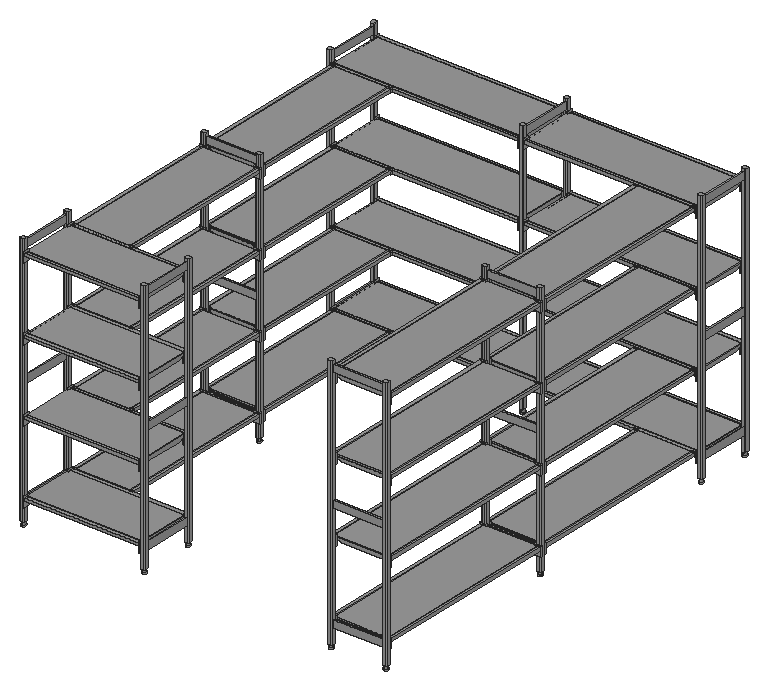
Revit family "QF_ELECTROLUXPROFESSIONAL_137104_CRS2428", category Attrezzature speciali, Revit 2020 (continued)
Definition of nested family "QF_974G"
  Definition of nested family "WT_Anta373B"
    Parameters
      Dext = Depth - 8 mm  # 365 mm
      Depth = 373 mm
      DX = (WidthLeft - A) / 2  # 32 mm
      B = 798 mm
      A = 708 mm
    Reference planes
      plane 1: z = 0
      plane 2 "LEFT": x = -417
      plane 3 "BACK": y = 23
      plane 4 "FRONT": y = -350
      plane 5 "TOP": z = 1590
      plane 6 "Center (Front/Back)": y = -163.5
      plane 7: y = -8.5
      plane 8: y = -318.5
      plane 9 "FEET": z = 25
      plane 10: z = 140
      plane 11: z = 590
      plane 12: z = 1040
      plane 13: z = 1490
      plane 14 "CXLeft": x = -403
      plane 15: y = 5.5
      plane 16 "CYBack": y = 5.5
      plane 17 "CYFront": y = -332.5
      plane 18: x = -385.031
      plane 19: x = -380.031
    Forms (mm)
      Extrusion 1, solid
        sketch origin (0, 0, 0) x (1, 0, 0) y (0, 1, 0)
          loop
            line (-417, 13.246) -> (-417, -2.246) -> (-410.746, -8.5) -> (-395.254, -8.5) -> (-389, -2.246) -> (-389, 13.246) -> (-395.254, 19.5) -> (-410.746, 19.5) -> (-417, 13.246)
        from 1590 to 25
      Extrusion 2, solid
        sketch origin (-417, 0, 0) x (0, 1, 0) y (0, 0, 1)
          loop
            line (23, 111.005) -> (23, 172.993) -> (-12.993, 172.993) -> (-12.993, 111.005) -> (23, 111.005)
          loop
            line (-350, 111.005) -> (-314.007, 111.005) -> (-314.007, 172.993) -> (-350, 172.993) -> (-350, 111.005)
          loop
            line (23, 561.005) -> (23, 622.993) -> (-12.993, 622.993) -> (-12.993, 561.005) -> (23, 561.005)
          loop
            line (-350, 561.005) -> (-314.007, 561.005) -> (-314.007, 622.993) -> (-350, 622.993) -> (-350, 561.005)
          loop
            line (23, 1011.005) -> (23, 1072.993) -> (-12.993, 1072.993) -> (-12.993, 1011.005) -> (23, 1011.005)
          loop
            line (-350, 1011.005) -> (-314.007, 1011.005) -> (-314.007, 1072.993) -> (-350, 1072.993) -> (-350, 1011.005)
          loop
            line (23, 1461.005) -> (23, 1522.993) -> (-12.993, 1522.993) -> (-12.993, 1461.005) -> (23, 1461.005)
          loop
            line (-350, 1461.005) -> (-314.007, 1461.005) -> (-314.007, 1522.993) -> (-350, 1522.993) -> (-350, 1461.005)
        from 28 to 32
      Revolve 3, solid
        sketch origin (-403, 0, 0) x (0, 1, 0) y (0, 0, 1)
          loop
            line (5.5, 25) -> (5.5, 0) -> (19, 0) -> (19, 5) -> (14, 5) -> (14, 25) -> (5.5, 25)
          axis (5.5, 25) -> (5.5, 0)
        angle from 0 to 360
      Extrusion 4, solid
        sketch origin (-403, 0, 0) x (0, 1, 0) y (0, 0, 1)
          loop
            line (-8.5, 777.382) -> (-8.5, 822.374) -> (-318.5, 822.374) -> (-318.5, 777.382) -> (-8.5, 777.382)
          loop
            line (-8.5, 1527.244) -> (-8.5, 1572.236) -> (-318.5, 1572.236) -> (-318.5, 1527.244) -> (-8.5, 1527.244)
        from -5 to 5
      Revolve 5, solid
        sketch origin (-403, -627, 0) x (0, -1, 0) y (0, 0, 1)
          loop
            line (-294.5, 25) -> (-294.5, 0) -> (-281, 0) -> (-281, 5) -> (-286, 5) -> (-286, 25) -> (-294.5, 25)
          axis (-294.5, 25) -> (-294.5, 0)
        angle from 0 to 360
      Extrusion 6, solid
        sketch origin (0, -627, 0) x (1, 0, 0) y (0, 1, 0)
          loop
            line (-417, 286.754) -> (-410.746, 280.5) -> (-395.254, 280.5) -> (-389, 286.754) -> (-389, 302.246) -> (-395.254, 308.5) -> (-410.746, 308.5) -> (-417, 302.246) -> (-417, 286.754)
        from 1590 to 25
      Extrusion 7, solid
        sketch origin (-417.031, -0.022, 0) x (0, 1, 0) y (0, 0, -1)
          loop
            line (-12, -1497.998) -> (-46, -1485.994) -> (-281, -1485.994) -> (-315, -1497.998) -> (-331, -1497.998) -> (-331, -1515.994) -> (-329, -1515.994) -> (-329, -1509.496) -> (2.007, -1509.496) -> (2.007, -1515.994) -> (4, -1515.994) -> (4, -1497.998) -> (-12, -1497.998)
          loop
            line (-12, -1047.998) -> (-46, -1035.994) -> (-281, -1035.994) -> (-315, -1047.998) -> (-331, -1047.998) -> (-331, -1065.994) -> (-329, -1065.994) -> (-329, -1059.496) -> (2.007, -1059.496) -> (2.007, -1065.994) -> (4, -1065.994) -> (4, -1047.998) -> (-12, -1047.998)
          loop
            line (-12, -597.998) -> (-46, -585.994) -> (-281, -585.994) -> (-315, -597.998) -> (-331, -597.998) -> (-331, -615.994) -> (-329, -615.994) -> (-329, -609.496) -> (2.007, -609.496) -> (2.007, -615.994) -> (4, -615.994) -> (4, -597.998) -> (-12, -597.998)
          loop
            line (-12, -147.998) -> (-46, -135.994) -> (-281, -135.994) -> (-315, -147.998) -> (-331, -147.998) -> (-331, -165.994) -> (-329, -165.994) -> (-329, -159.496) -> (2.007, -159.496) -> (2.007, -165.994) -> (4, -165.994) -> (4, -147.998) -> (-12, -147.998)
        from -32 to -37
      Extrusion 8, solid
        sketch origin (-403, 0, -659.878) x (0, 1, 0) y (0, 0, 1)
          loop
            line (-8.5, 777.382) -> (-8.5, 822.374) -> (-318.5, 822.374) -> (-318.5, 777.382) -> (-8.5, 777.382)
          loop
            line (-8.5, 1437.382) -> (-8.5, 1482.374) -> (-318.5, 1482.374) -> (-318.5, 1437.382) -> (-8.5, 1437.382)
          loop
            line (-8.5, 2187.382) -> (-8.5, 2232.374) -> (-318.5, 2232.374) -> (-318.5, 2187.382) -> (-8.5, 2187.382)
        from -5 to 5
    Lines and regions (mm)
      symbolic lines
        curve 1: line (-408, -8.5, 1590) -> (-408, -318.5, 1590)
        curve 2: line (-398, -318.5, 1590) -> (-398, -8.5, 1590)
        curve 3: line (-395.254, -8.5, 1590) -> (-410.746, -8.5, 1590)
        curve 4: line (-417, -2.246, 1590) -> (-410.746, -8.5, 1590)
        curve 5: line (-417, 13.246, 1590) -> (-417, -2.246, 1590)
        curve 6: line (-410.746, 19.5, 1590) -> (-417, 13.246, 1590)
        curve 7: line (-395.254, 19.5, 1590) -> (-410.746, 19.5, 1590)
        curve 8: line (-389, 13.246, 1590) -> (-395.254, 19.5, 1590)
        curve 9: line (-395.254, -8.5, 1590) -> (-389, -2.246, 1590)
        curve 10: line (-395.254, -318.5, 1590) -> (-410.746, -318.5, 1590)
        curve 11: line (-417, -324.754, 1590) -> (-410.746, -318.5, 1590)
        curve 12: line (-410.746, -346.5, 1590) -> (-417, -340.246, 1590)
        curve 13: line (-395.254, -346.5, 1590) -> (-410.746, -346.5, 1590)
        curve 14: line (-389, -340.246, 1590) -> (-395.254, -346.5, 1590)
        curve 15: line (-395.254, -318.5, 1590) -> (-389, -324.754, 1590)
        curve 16: line (-389, -350, 1590) -> (-389, -314.007, 1590)
        curve 17: line (-389, -314.007, 1590) -> (-385, -314.007, 1590)
        curve 18: line (-389, 23, 1590) -> (-389, -12.993, 1590)
        curve 19: line (-389, -12.993, 1590) -> (-385, -12.993, 1590)
        curve 20: line (-417, -324.754, 1590) -> (-417, -340.246, 1590)
        curve 21: line (-385, -350, 1590) -> (-385, -314.007, 1590)
        curve 22: line (-385, -350, 1590) -> (-389, -350, 1590)
        curve 23: line (-385, 23, 1590) -> (-389, 23, 1590)
        curve 24: line (-385, -12.993, 1590) -> (-385, 23, 1590)
        curve 25: line (-385.031, -13.016, 1725) -> (-385.031, -314.029, 1725)
    Dimensions and locks
      "Depth": plane 3 "BACK" to plane 4 "FRONT"
      "Dint": plane 7 to plane 8
      equal spacing: plane 7, plane 6 "Center (Front/Back)", plane 8
      equal spacing: plane 3 "BACK", plane 6 "Center (Front/Back)", plane 4 "FRONT"
      plane 9 "FEET" to level = 25 mm
      plane 10 to plane 9 "FEET" = 115 mm
      plane 11 to plane 10 = 450 mm
      plane 12 to plane 11 = 450 mm
      plane 13 to plane 12 = 450 mm
      locked: plane 2 "LEFT" to plane 14 "CXLeft" at 14
      locked: plane 3 "BACK" to plane 16 "CYBack" at 17.5
      locked: plane 17 "CYFront" to plane 4 "FRONT" at 17.5
      locked: Revolve 3 sketch curve to Revolve 3 sketch curve at 8.5
      locked: Revolve 3 sketch curve to plane 16 "CYBack" at 13.5
      locked: Revolve 5 sketch curve to Revolve 5 sketch curve at 8.5
      plane 10 to level = 140 mm
      plane 11 to level = 590 mm
      plane 12 to level = 1040 mm
      plane 13 to level = 1490 mm
      "Height": plane 5 "TOP" to level
      aligned and locked: level to plane 1
      aligned and locked: curve 20 to Extrusion 6
      aligned and locked: plane 5 "TOP" to Extrusion 1
      aligned and locked: plane 5 "TOP" to Extrusion 6
      aligned and locked: Extrusion 7 sketch curve to Extrusion 7 sketch curve  (x3)
    Automatic sketch dimensions
      curve 16 to plane 4 "FRONT" = 0 mm
      curve 11 to plane 8 = 0 mm
      curve 9 to plane 7 = 0 mm
      curve 5 to plane 2 "LEFT" = 0 mm
      curve 23 to plane 3 "BACK" = 0 mm
      plane 4 "FRONT" to curve 13 = 3.5 mm
      curve 20 to plane 17 "CYFront" = 7.746 mm
      curve 20 to plane 8 = 6.254 mm
      plane 8 to curve 16 = 4.493 mm
      curve 24 to plane 18 = 0.031 mm
      curve 24 to plane 7 = 4.493 mm
      plane 7 to curve 5 = 6.254 mm
      curve 5 to plane 15 = 7.746 mm
      curve 6 to plane 3 "BACK" = 3.5 mm
      curve 21 to plane 18 = 0.031 mm
      plane 18 to curve 23 = 3.969 mm
      plane 18 to curve 16 = 3.969 mm
      curve 18 to curve 8 = 6.254 mm
      curve 18 to curve 3 = 6.254 mm
      curve 16 to curve 13 = 6.254 mm
      curve 16 to curve 15 = 6.254 mm
      plane 2 "LEFT" to curve 10 = 6.254 mm
      plane 2 "LEFT" to curve 7 = 6.254 mm
      plane 2 "LEFT" to curve 12 = 6.254 mm
      plane 2 "LEFT" to curve 3 = 6.254 mm
      curve 14 to plane 17 "CYFront" = 7.746 mm
      curve 15 to plane 8 = 6.254 mm
      plane 7 to curve 9 = 6.254 mm
      curve 8 to plane 15 = 7.746 mm
      curve 3 to curve 2 = 2.746 mm
      curve 1 to curve 10 = 2.746 mm
      Extrusion 1 sketch curve to plane 2 "LEFT" = 0 mm
      Extrusion 1 sketch curve to plane 7 = 0 mm
      plane 2 "LEFT" to Extrusion 1 sketch curve = 6.254 mm  (x2)
      plane 14 "CXLeft" to Extrusion 1 sketch curve = 7.746 mm  (x2)
      Extrusion 1 sketch curve to plane 3 "BACK" = 3.5 mm
      plane 18 to Extrusion 1 sketch curve = 3.969 mm
      plane 7 to Extrusion 1 sketch curve = 6.254 mm  (x2)
      Extrusion 1 sketch curve to plane 15 = 7.746 mm  (x2)
      Extrusion 2 sketch curve to plane 4 "FRONT" = 0 mm  (x4)
      Extrusion 2 sketch curve to plane 3 "BACK" = 0 mm  (x4)
      plane 8 to Extrusion 2 sketch curve = 4.493 mm  (x4)
      Extrusion 2 sketch curve to plane 7 = 4.493 mm  (x4)
      Extrusion 2 sketch curve to plane 10 = 28.995 mm  (x2)
      plane 10 to Extrusion 2 sketch curve = 32.993 mm  (x2)
      Extrusion 2 sketch curve to plane 11 = 28.995 mm  (x2)
      plane 11 to Extrusion 2 sketch curve = 32.993 mm  (x2)
      Extrusion 2 sketch curve to plane 12 = 28.995 mm  (x2)
      plane 12 to Extrusion 2 sketch curve = 32.993 mm  (x2)
      Extrusion 2 sketch curve to plane 13 = 28.995 mm  (x2)
      plane 13 to Extrusion 2 sketch curve = 32.993 mm  (x2)
      Revolve 3 sketch curve to plane 9 "FEET" = 0 mm  (x2)
      Revolve 3 sketch curve to plane 15 = 0 mm  (x2)
      Revolve 3 sketch curve to level = 0 mm
      level to Revolve 3 sketch curve = 5 mm
      Revolve 3 sketch curve to Revolve 3 sketch curve = 11.655 mm
      Extrusion 4 sketch curve to plane 8 = 0 mm  (x2)
      Extrusion 4 sketch curve to plane 7 = 0 mm  (x2)
      plane 11 to Extrusion 4 sketch curve = 187.382 mm
      Extrusion 4 sketch curve to Extrusion 4 sketch curve = 44.992 mm
      plane 13 to Extrusion 4 sketch curve = 37.244 mm
      Extrusion 4 sketch curve to plane 5 "TOP" = 17.764 mm
      Revolve 5 sketch curve to plane 9 "FEET" = 0 mm  (x2)
      Revolve 5 sketch curve to plane 17 "CYFront" = 0 mm  (x2)
      Revolve 5 sketch curve to level = 0 mm
      Revolve 5 sketch curve to plane 4 "FRONT" = 4 mm
      Revolve 5 sketch curve to Revolve 5 sketch curve = 5 mm
      level to Revolve 5 sketch curve = 11.655 mm
      Extrusion 6 sketch curve to plane 2 "LEFT" = 0 mm
      Extrusion 6 sketch curve to plane 8 = 0 mm
      Extrusion 6 sketch curve to plane 2 "LEFT" = 6.254 mm  (x2)
      Extrusion 6 sketch curve to plane 14 "CXLeft" = 7.746 mm  (x2)
      Extrusion 6 sketch curve to plane 4 "FRONT" = 3.5 mm
      Extrusion 6 sketch curve to plane 18 = 3.969 mm
      plane 8 to Extrusion 6 sketch curve = 6.254 mm  (x2)
      plane 17 "CYFront" to Extrusion 6 sketch curve = 7.746 mm  (x2)
      plane 17 "CYFront" to Extrusion 7 sketch curve = 1.478 mm  (x4)
      Extrusion 7 sketch curve to Extrusion 7 sketch curve = 2 mm
      plane 8 to Extrusion 7 sketch curve = 3.478 mm  (x4)
      Extrusion 7 sketch curve to plane 10 = 4.006 mm
      Extrusion 7 sketch curve to Extrusion 7 sketch curve = 34 mm  (x4)
      Extrusion 7 sketch curve to plane 11 = 4.006 mm
      Extrusion 7 sketch curve to plane 12 = 4.006 mm
      Extrusion 7 sketch curve to plane 13 = 4.006 mm
      Extrusion 7 sketch curve to plane 7 = 37.522 mm  (x4)
      Extrusion 7 sketch curve to plane 7 = 3.522 mm  (x4)
      plane 15 to Extrusion 7 sketch curve = 3.516 mm  (x4)
      plane 15 to Extrusion 7 sketch curve = 1.522 mm  (x4)
      plane 13 to Extrusion 7 sketch curve = 7.998 mm  (x2)
      Extrusion 7 sketch curve to Extrusion 7 sketch curve = 11.498 mm
      Extrusion 7 sketch curve to Extrusion 7 sketch curve = 6.499 mm  (x5)
      plane 12 to Extrusion 7 sketch curve = 25.994 mm  (x2)
      plane 12 to Extrusion 7 sketch curve = 7.998 mm  (x2)
      plane 11 to Extrusion 7 sketch curve = 25.994 mm  (x2)
      plane 11 to Extrusion 7 sketch curve = 7.998 mm  (x2)
      plane 10 to Extrusion 7 sketch curve = 25.994 mm  (x2)
      plane 10 to Extrusion 7 sketch curve = 7.998 mm  (x2)
      curve 25 to plane 18 = 0 mm
      plane 8 to curve 25 = 4.471 mm
      curve 25 to plane 7 = 4.516 mm
      Extrusion 8 sketch curve to plane 8 = 0 mm  (x3)
      Extrusion 8 sketch curve to plane 7 = 0 mm  (x3)
      Extrusion 8 sketch curve to plane 10 = 22.496 mm
      plane 10 to Extrusion 8 sketch curve = 22.496 mm
      plane 11 to Extrusion 8 sketch curve = 187.504 mm
      Extrusion 8 sketch curve to Extrusion 8 sketch curve = 44.992 mm
      plane 13 to Extrusion 8 sketch curve = 37.504 mm
      Extrusion 8 sketch curve to plane 5 "TOP" = 17.504 mm
  Definition of nested family "WT_Aggancio373B"
    Parameters
      WidthLeft = A + 64 mm  # 772 mm
      Width = 1606 mm
      Right = WidthLeft / 2  # 386 mm
      Default Elevation = 0 mm
      Left = -WidthLeft / 2  # -386 mm
      Height = 1590 mm
      FEET = 25 mm
      E = 0 mm
      Dint = Depth - 63 mm  # 310 mm
      Dext = Depth - 8 mm  # 365 mm
      Depth = 373 mm
      DX = (WidthLeft - A) / 2  # 32 mm
      B = 798 mm
      A = 708 mm
    Reference planes
      plane 1: z = 0
      plane 2 "LEFT": x = -417
      plane 3 "BACK": y = 23
      plane 4 "FRONT": y = -350
      plane 5 "TOP": z = 1590
      plane 6 "Center (Front/Back)": y = -163.5
      plane 7: y = -8.5
      plane 8: y = -318.5
      plane 9 "FEET": z = 25
      plane 10: z = 140
      plane 11: z = 590
      plane 12: z = 1040
      plane 13: z = 1490
      plane 14: y = 5.5
      plane 15 "CYBack": y = 5.5
      plane 16 "CYFront": y = -332.5
    Forms (mm)
      Extrusion 1, solid
        sketch origin (-380, -0.022, 0) x (0, 1, 0) y (0, 0, 1)
          loop
            line (-12, 1497.998) -> (4, 1497.998) -> (4, 1515.994) -> (2.007, 1515.994) -> (2.007, 1509.496) -> (-329, 1509.496) -> (-329, 1515.994) -> (-331, 1515.994) -> (-331, 1497.998) -> (-315, 1497.998) -> (-281, 1485.994) -> (-46, 1485.994) -> (-12, 1497.998)
          loop
            line (-12, 1047.998) -> (4, 1047.998) -> (4, 1065.994) -> (2.007, 1065.994) -> (2.007, 1059.496) -> (-329, 1059.496) -> (-329, 1065.994) -> (-331, 1065.994) -> (-331, 1047.998) -> (-315, 1047.998) -> (-281, 1035.994) -> (-46, 1035.994) -> (-12, 1047.998)
          loop
            line (-12, 597.998) -> (4, 597.998) -> (4, 615.994) -> (2.007, 615.994) -> (2.007, 609.496) -> (-329, 609.496) -> (-329, 615.994) -> (-331, 615.994) -> (-331, 597.998) -> (-315, 597.998) -> (-281, 585.994) -> (-46, 585.994) -> (-12, 597.998)
          loop
            line (-12, 147.998) -> (4, 147.998) -> (4, 165.994) -> (2.007, 165.994) -> (2.007, 159.496) -> (-329, 159.496) -> (-329, 165.994) -> (-331, 165.994) -> (-331, 147.998) -> (-315, 147.998) -> (-281, 135.994) -> (-46, 135.994) -> (-12, 147.998)
        from -32 to -37
      Extrusion 2, solid
        sketch origin (-793.062, -324.754, 6.5) x (1, 0, 0) y (0, 0, 1)
          loop
            line (385.062, 1509.496) -> (385.062, 1512.496) -> (376.062, 1512.496) -> (376.062, 1485.994) -> (390.031, 1485.994) -> (390.031, 1491.496) -> (381.062, 1491.496) -> (381.062, 1509.496) -> (385.062, 1509.496)
          loop
            line (385.062, 1059.496) -> (385.062, 1062.496) -> (376.062, 1062.496) -> (376.062, 1035.994) -> (390.031, 1035.994) -> (390.031, 1041.496) -> (381.062, 1041.496) -> (381.062, 1059.496) -> (385.062, 1059.496)
          loop
            line (385.062, 609.496) -> (385.062, 612.496) -> (376.062, 612.496) -> (376.062, 585.994) -> (390.031, 585.994) -> (390.031, 591.496) -> (381.062, 591.496) -> (381.062, 609.496) -> (385.062, 609.496)
          loop
            line (385.062, 159.496) -> (385.062, 162.496) -> (376.062, 162.496) -> (376.062, 135.994) -> (390.031, 135.994) -> (390.031, 141.496) -> (381.062, 141.496) -> (381.062, 159.496) -> (385.062, 159.496)
        from 6.268 to 25.246
      Extrusion 3, solid
        sketch origin (-793.062, 32.754, 6.5) x (1, 0, 0) y (0, 0, 1)
          loop
            line (385.062, 1509.496) -> (385.062, 1512.496) -> (376.062, 1512.496) -> (376.062, 1485.994) -> (390.031, 1485.994) -> (390.031, 1491.496) -> (381.062, 1491.496) -> (381.062, 1509.496) -> (385.062, 1509.496)
          loop
            line (385.062, 1059.496) -> (385.062, 1062.496) -> (376.062, 1062.496) -> (376.062, 1035.994) -> (390.031, 1035.994) -> (390.031, 1041.496) -> (381.062, 1041.496) -> (381.062, 1059.496) -> (385.062, 1059.496)
          loop
            line (385.062, 609.496) -> (385.062, 612.496) -> (376.062, 612.496) -> (376.062, 585.994) -> (390.031, 585.994) -> (390.031, 591.496) -> (381.062, 591.496) -> (381.062, 609.496) -> (385.062, 609.496)
          loop
            line (385.062, 159.496) -> (385.062, 162.496) -> (376.062, 162.496) -> (376.062, 135.994) -> (390.031, 135.994) -> (390.031, 141.496) -> (381.062, 141.496) -> (381.062, 159.496) -> (385.062, 159.496)
        from 9.754 to 28.776
    Lines and regions (mm)
      symbolic lines
        curve 1: line (-412, -350, 0) -> (-408, -350, 0)
        curve 2: line (-412, -331.022, 0) -> (-412, -350, 0)
        curve 3: line (-408, -331.022, 0) -> (-412, -331.022, 0)
        curve 4: line (-408, -350, 0) -> (-408, -331.022, 0)
        curve 5: line (-412, 3.978, 0) -> (-408, 3.978, 0)
        curve 6: line (-412, 23, 0) -> (-412, 3.978, 0)
        curve 7: line (-408, 23, 0) -> (-412, 23, 0)
        curve 8: line (-408, 3.978, 0) -> (-408, 23, 0)
    Dimensions and locks
      "Height": plane 5 "TOP" to level
      "Depth": plane 3 "BACK" to plane 4 "FRONT"
      "Dint": plane 7 to plane 8
      equal spacing: plane 7, plane 6 "Center (Front/Back)", plane 8
      equal spacing: plane 3 "BACK", plane 6 "Center (Front/Back)", plane 4 "FRONT"
      plane 9 "FEET" to level = 25 mm
      plane 10 to plane 9 "FEET" = 115 mm
      locked: plane 11 to plane 10 at 450
      locked: plane 12 to plane 11 at 450
      locked: plane 13 to plane 12 at 450
      locked: plane 3 "BACK" to plane 15 "CYBack" at 17.5
      locked: plane 16 "CYFront" to plane 4 "FRONT" at 17.5
      aligned and locked: level to plane 1
      aligned and locked: Extrusion 1 sketch curve to Extrusion 1 sketch curve  (x3)
    Automatic sketch dimensions
      plane 16 "CYFront" to Extrusion 1 sketch curve = 1.478 mm  (x4)
      Extrusion 1 sketch curve to Extrusion 1 sketch curve = 2 mm
      plane 8 to Extrusion 1 sketch curve = 3.478 mm  (x4)
      Extrusion 1 sketch curve to plane 10 = 4.006 mm
      Extrusion 1 sketch curve to Extrusion 1 sketch curve = 34 mm  (x4)
      Extrusion 1 sketch curve to plane 11 = 4.006 mm
      Extrusion 1 sketch curve to plane 12 = 4.006 mm
      Extrusion 1 sketch curve to plane 13 = 4.006 mm
      Extrusion 1 sketch curve to plane 7 = 37.522 mm  (x4)
      Extrusion 1 sketch curve to plane 7 = 3.522 mm  (x4)
      plane 14 to Extrusion 1 sketch curve = 3.516 mm  (x4)
      plane 14 to Extrusion 1 sketch curve = 1.522 mm  (x4)
      plane 10 to Extrusion 1 sketch curve = 7.998 mm  (x2)
      Extrusion 1 sketch curve to Extrusion 1 sketch curve = 11.498 mm  (x4)
      Extrusion 1 sketch curve to Extrusion 1 sketch curve = 6.499 mm  (x8)
      plane 11 to Extrusion 1 sketch curve = 7.998 mm  (x2)
      plane 12 to Extrusion 1 sketch curve = 7.998 mm  (x2)
      plane 13 to Extrusion 1 sketch curve = 7.998 mm  (x2)
      plane 2 "LEFT" to Extrusion 2 sketch curve = 0 mm  (x4)
      plane 13 to Extrusion 2 sketch curve = 7.996 mm
      plane 11 to Extrusion 2 sketch curve = 7.996 mm
      Extrusion 2 sketch curve to Extrusion 2 sketch curve = 5 mm  (x4)
      plane 11 to Extrusion 2 sketch curve = 2.494 mm
      plane 10 to Extrusion 2 sketch curve = 28.996 mm
      Extrusion 2 sketch curve to Extrusion 2 sketch curve = 3 mm  (x4)
      plane 10 to Extrusion 2 sketch curve = 7.996 mm
      plane 10 to Extrusion 2 sketch curve = 2.494 mm
      Extrusion 2 sketch curve to Extrusion 2 sketch curve = 18 mm  (x3)
      plane 12 to Extrusion 2 sketch curve = 2.494 mm
      plane 12 to Extrusion 2 sketch curve = 7.996 mm
      plane 13 to Extrusion 2 sketch curve = 2.494 mm
      plane 2 "LEFT" to Extrusion 3 sketch curve = 0 mm  (x4)
      plane 13 to Extrusion 3 sketch curve = 7.996 mm
      plane 11 to Extrusion 3 sketch curve = 7.996 mm
      Extrusion 3 sketch curve to Extrusion 3 sketch curve = 5 mm  (x4)
      plane 11 to Extrusion 3 sketch curve = 2.494 mm
      plane 10 to Extrusion 3 sketch curve = 28.996 mm
      Extrusion 3 sketch curve to Extrusion 3 sketch curve = 3 mm  (x4)
      plane 10 to Extrusion 3 sketch curve = 7.996 mm
      plane 10 to Extrusion 3 sketch curve = 2.494 mm
      Extrusion 3 sketch curve to Extrusion 3 sketch curve = 18 mm  (x3)
      plane 12 to Extrusion 3 sketch curve = 2.494 mm
      plane 12 to Extrusion 3 sketch curve = 7.996 mm
      plane 13 to Extrusion 3 sketch curve = 2.494 mm
      plane 2 "LEFT" to curve 1 = 5 mm
      plane 2 "LEFT" to curve 7 = 5 mm
      curve 1 to plane 16 "CYFront" = 17.5 mm
      curve 3 to plane 8 = 12.522 mm
      plane 7 to curve 5 = 12.478 mm
      curve 7 to plane 14 = 17.5 mm
      curve 5 to curve 5 = 4 mm
      curve 1 to curve 4 = 4 mm
      Extrusion 2 sketch curve to Extrusion 2 sketch curve = 4 mm  (x4)
      Extrusion 2 sketch curve to Extrusion 2 sketch curve = 8.969 mm  (x4)
      Extrusion 3 sketch curve to Extrusion 3 sketch curve = 4 mm  (x4)
      Extrusion 3 sketch curve to Extrusion 3 sketch curve = 8.969 mm  (x4)
